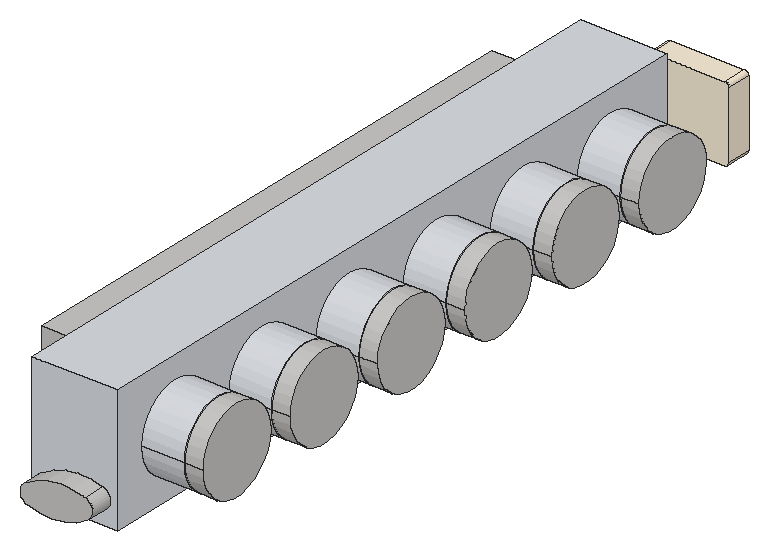
Revit family "HVAC_Ductwork_Airzone_Motorized-Plenum_Toshiba_Standard_6-Dampers", category Mechanical Equipment, Revit 2016
Family settings
  Part Type = Normal
  Round Connector Dimension = Use Diameter
  OmniClass Number = 23.75.70.14
  OmniClass Title = Air Ductwork
  Work Plane-Based = No
  Always vertical = Yes
  Cut with Voids When Loaded = No
  Shared = No
  Room Calculation Point = No
Parameters (values of type "TOSST04L6")
  Voltage = 230 V
  URL = "www.airzone.es"
  Type Image Comments = "Image available in product documentation download"  # constant formula
  Revit Model Version = "1.0"  # constant formula
  Revit Model Author URL = "www.a3d.es"
  Revit Model Author = "A3D Consulting"  # constant formula
  Product Documentation Download URL = "http://doc.airzone.es/BIM/Easyzone/Toshiba-Airzone_motorized_plenum.zip"
  Product Comments = "Refer to technical documentation for further details"  # constant formula
  Power Factor = 1
  Neck Width = 1343.600 mm
  Neck Length = 95.000 mm
  Neck Height = 183.600 mm
  Material = Metal - AIRZONE - Galvanized Sheet - Semi-polished
  Main Control Board Material = Plastic - AIRZONE - Smooth - Off-white
  Load Classification = Other
  Insulated Body Width = 205.000 mm  # constant formula
  Insulated Body Material = Metal -AIRZONE - Insulating Lining -Aluminum Finish
  Insulated Body Length = 1638.600 mm  # constant formula
  Insulated Body Height = 300.000 mm  # constant formula
  Flow [instance] = Damper 6 Air Flow + Damper 5 Air Flow + Damper 4 Air Flow + Damper 3 Air Flow + Damper 2 Air Flow + Damper 1 Air Flow - Fresh Air Inlet 2 Flow - Fresh Air Inlet 1 Flow  # 1800 m³/h
  Fresh Air Inlet 1 Flow [instance] = 0 m³/h
  Fresh Air Inlet 2 Flow [instance] = 0 m³/h
  Fresh Air Inlet Connection Width = 175.000 mm
  Fresh Air Inlet Connection Height = 75.000 mm
  Model = "TOSST04L6"
  Neck Side Offset = 147.500 mm
  Neck Bottom Offset = 83.200 mm
  Type Image = <None>
  Manufacturer = "AIRZONE"  # constant formula
  Main Control Board Depth = 57.000 mm  # constant formula
  Main Control Board Width = 195.000 mm  # constant formula
  Main Control Board Height = 180.000 mm  # constant formula
  Fixing = ""
  Disclaimer = "All information provided in this model is reviewed before being published. However, Airzone cannot guarantee this model is error-free, therefore users are strongly encouraged to check for technical documentation and updates"  # constant formula
  Description = "Airzone standard motorized plenum with neck that mechanically adapts to the main ducted AC units of Toshiba."
  Type Comments = ""
  Dampers Length = 149.000 mm  # constant formula
  Dampers Diameter = 200.000 mm  # constant formula
  Damper 6 Air Flow [instance] = 300 m³/h
  Damper 5 Air Flow [instance] = 300 m³/h
  Damper 4 Air Flow [instance] = 300 m³/h
  Damper 1 Air Flow [instance] = 300 m³/h
  Damper 2 Air Flow [instance] = 300 m³/h
  Damper 3 Air Flow [instance] = 300 m³/h
  Fresh Air Inlet Connection Offset Height = 48.305 mm  # constant formula
  Compatible Accesories = ""
  Apparent Load = 57.5 VA
Types (8, lengths in mm): name | Neck Width | Neck Height | Model | Neck Side Offset | Neck Bottom Offset
  TOSST04L6 | 1343.600 | 183.600 | "TOSST04L6" | 147.500 | 83.200
  TOSST04M6 | 943.600 | 183.600 | "TOSST04M6" | 347.500 | 83.200
  TOSST03L6 | 1343.600 | 183.600 | "TOSST03L6" | 147.500 | 83.200
  TOSST03M6 | 943.600 | 183.600 | "TOSST03M6" | 347.500 | 83.200
  TOSST02L6 | 1155.600 | 220.600 | "TOSST02L6" | 281.500 | 39.700
  TOSST02M6 | 805.600 | 220.600 | "TOSST02M6" | 456.500 | 39.700
  TOSST01L6 | 1163.600 | 213.600 | "TOSST01L6" | 277.500 | 47.200
  TOSST01M6 | 813.600 | 213.600 | "TOSST01M6" | 452.500 | 48.200
Reference planes
  plane 1 "Center (Front/Back)": y = 0
  plane 2 "Center (Elevation)": z = 0
  plane 3 "Center (Left/Right)": x = 0
  plane 4 "Neck Back": y = 671.8
  plane 5 "Neck Front": y = -671.8
  plane 6 "Neck Top": z = 91.8
  plane 7 "Neck Bottom": z = -91.8
  plane 8 "Left": x = 95
  plane 9 "Bottom": z = -175
  plane 10 "Top": z = 125
  plane 11 "Front": y = -819.3
  plane 12 "Back": y = 819.3
  plane 13 "Right": x = 300
  plane 14 "Dampers Front": x = 449
  plane 15 "Dampers Center (Elevation)": z = -25
  plane 16 "Damper3": y = 130
  plane 17 "Damper2": y = 390
  plane 18 "Damper1": y = 650
  plane 19 "Middle": y = 0
  plane 20 "FreshAir Center (Elevation)": z = -126.695
  plane 21 "FreshAir1": y = 871.8
  plane 22 "FreshAir2": y = -871.8
  plane 23 "Dampers Lining": x = 404
  plane 24 "FreshAir Vertical Axis": x = 195.83
  plane 25 "ConnectionBox Side": x = 254
  plane 26 "Main Control Board Center (Left/Right)": x = 351.5
  plane 27 "Damper4": y = -130
  plane 28 "Damper5": y = -390
  plane 29 "Damper6": y = -650
Forms (mm)
  Extrusion 1, solid, material "Metal - AIRZONE - Galvanized Sheet - Semi-polished" <- "Material"
    sketch origin (0, 0, 0) x (0, 1, 0) y (0, 0, 1)
      loop
        line (-671.8, 91.8) -> (-671.8, -91.8) -> (671.8, -91.8) -> (671.8, 91.8) -> (-671.8, 91.8)
    from 0 to 95
  Extrusion 2, solid, material "Metal -AIRZONE - Insulating Lining -Aluminum Finish" <- "Insulated Body Material"
    sketch origin (95, 0, 0) x (0, 1, 0) y (0, 0, 1)
      loop
        line (-819.3, 125) -> (-819.3, -175) -> (819.3, -175) -> (819.3, 125) -> (-819.3, 125)
    from 0 to 205
  Extrusion 3, solid, material "Metal - AIRZONE - Galvanized Sheet - Semi-polished" <- "Material"
    sketch origin (300, 0, 0) x (0, 1, 0) y (0, 0, 1)
      loop
        circle (130, -25) r 100
    from 104 to 149
  Extrusion 4, solid, material "Metal - AIRZONE - Galvanized Sheet - Semi-polished" <- "Material"
    sketch origin (300, 0, 0) x (0, 1, 0) y (0, 0, 1)
      loop
        circle (390, -25) r 100
    from 104 to 149
  Extrusion 5, solid, material "Metal - AIRZONE - Galvanized Sheet - Semi-polished" <- "Material"
    sketch origin (300, 0, 0) x (0, 1, 0) y (0, 0, 1)
      loop
        circle (650, -25) r 100
    from 104 to 149
  Extrusion 6, solid, material "Metal - AIRZONE - Galvanized Sheet - Semi-polished" <- "Material"
    sketch origin (0, -819.3, 0) x (0, 0, 1) y (1, 0, 0)
      loop
        arc (-94.141, 265.204) -> (-115.608, 282.105) -> (-140.312, 270.434) r 25.96
        arc (-140.312, 270.434) -> (-166.302, 200.598) -> (-158.849, 126.456) r 164.67
        arc (-158.849, 126.456) -> (-137.665, 109.589) -> (-112.994, 120.751) r 25.96
        arc (-112.994, 120.751) -> (-86.725, 190.78) -> (-94.141, 265.204) r 164.67
    from 0 to -52.5
  Extrusion 7, solid, material "Metal - AIRZONE - Galvanized Sheet - Semi-polished" <- "Material"
    sketch origin (0, 819.3, 0) x (0, 0, 1) y (1, 0, 0)
      loop
        arc (-94.141, 265.204) -> (-115.325, 282.071) -> (-139.996, 270.909) r 25.96
        arc (-139.996, 270.909) -> (-166.179, 201.53) -> (-159.267, 127.699) r 164.67
        arc (-159.267, 127.699) -> (-138.032, 109.637) -> (-112.678, 121.226) r 25.96
        arc (-112.678, 121.226) -> (-86.688, 191.062) -> (-94.141, 265.204) r 164.67
    from 0 to 52.5
  Extrusion 8, solid, material "Metal -AIRZONE - Insulating Lining -Aluminum Finish" <- "Insulated Body Material"
    sketch origin (300, 0, 0) x (0, 1, 0) y (0, 0, 1)
      loop
        circle (650, -25) r 100
    from 0 to 104
  Extrusion 9, solid, material "Metal -AIRZONE - Insulating Lining -Aluminum Finish" <- "Insulated Body Material"
    sketch origin (300, -260, 0) x (0, 1, 0) y (0, 0, 1)
      loop
        circle (650, -25) r 100
    from 0 to 104
  Extrusion 10, solid, material "Metal -AIRZONE - Insulating Lining -Aluminum Finish" <- "Insulated Body Material"
    sketch origin (300, -520, 0) x (0, 1, 0) y (0, 0, 1)
      loop
        circle (650, -25) r 100
    from 0 to 104
  Extrusion 11, solid, material "Metal - AIRZONE - Galvanized Sheet - Semi-polished" <- "Material"
    sketch origin (300, -190, 0) x (0, 1, 0) y (0, 0, 1)
      loop
        circle (60, -25) r 100
    from 104 to 149
  Extrusion 12, solid, material "Metal -AIRZONE - Insulating Lining -Aluminum Finish" <- "Insulated Body Material"
    sketch origin (300, -710, 0) x (0, 1, 0) y (0, 0, 1)
      loop
        circle (580, -25) r 100
    from 0 to 104
  Extrusion 13, solid, material "Metal -AIRZONE - Insulating Lining -Aluminum Finish" <- "Insulated Body Material"
    sketch origin (300, -970, 0) x (0, 1, 0) y (0, 0, 1)
      loop
        circle (580, -25) r 100
    from 0 to 104
  Extrusion 14, solid, material "Metal - AIRZONE - Galvanized Sheet - Semi-polished" <- "Material"
    sketch origin (300, -450, 0) x (0, 1, 0) y (0, 0, 1)
      loop
        circle (60, -25) r 100
    from 104 to 149
  Extrusion 15, solid, material "Metal -AIRZONE - Insulating Lining -Aluminum Finish" <- "Insulated Body Material"
    sketch origin (300, -1230, 0) x (0, 1, 0) y (0, 0, 1)
      loop
        circle (580, -25) r 100
    from 0 to 104
  Extrusion 16, solid, material "Metal - AIRZONE - Galvanized Sheet - Semi-polished" <- "Material"
    sketch origin (300, -710, 0) x (0, 1, 0) y (0, 0, 1)
      loop
        circle (60, -25) r 100
    from 104 to 149
Lines and regions (mm)
  Masking region 1
    outline origin (0, 0, 0) x (1, 0, 0) y (0, 1, 0)
      loop
        line (95, 819.3) -> (95, -819.3) -> (300, -819.3) -> (300, 819.3) -> (95, 819.3)
  Masking region 2, detail levels medium+fine
    outline origin (0, 0, 0) x (1, 0, 0) y (0, 1, 0)
      loop
        line (0, 671.8) -> (0, -671.8) -> (95, -671.8) -> (95, 671.8) -> (0, 671.8)
  Masking region 3, detail levels medium+fine
    outline origin (0, 0, 0) x (1, 0, 0) y (0, 1, 0)
      loop
        line (300, 230) -> (300, 30) -> (449, 30) -> (449, 230) -> (300, 230)
  Masking region 4, detail levels medium+fine
    outline origin (0, 260, 0) x (1, 0, 0) y (0, 1, 0)
      loop
        line (300, 230) -> (300, 30) -> (449, 30) -> (449, 230) -> (300, 230)
  Masking region 5, detail levels medium+fine
    outline origin (0, 520, 0) x (1, 0, 0) y (0, 1, 0)
      loop
        line (300, 230) -> (300, 30) -> (449, 30) -> (449, 230) -> (300, 230)
  Masking region 6, detail levels medium+fine
    outline origin (0, 0, -126.695) x (1, 0, 0) y (0, 1, 0)
      loop
        line (108.33, 871.8) -> (108.33, 819.3) -> (283.33, 819.3) -> (283.33, 871.8) -> (108.33, 871.8)
  Masking region 7, detail levels medium+fine
    outline origin (0, 0, -126.695) x (1, 0, 0) y (0, 1, 0)
      loop
        line (108.33, -819.3) -> (108.33, -871.8) -> (283.33, -871.8) -> (283.33, -819.3) -> (108.33, -819.3)
  Masking region 8, detail levels medium+fine
    outline origin (0, 0, 125) x (0, -1, 0) y (1, 0, 0)
      loop
        line (-876.3, 254) -> (-819.3, 254) -> (-819.3, 449) -> (-876.3, 449) -> (-876.3, 254)
  Masking region 9, detail levels medium+fine
    outline origin (0, -190, 0) x (1, 0, 0) y (0, 1, 0)
      loop
        line (300, 160) -> (300, -40) -> (449, -40) -> (449, 160) -> (300, 160)
  Masking region 10, detail levels medium+fine
    outline origin (0, -450, 0) x (1, 0, 0) y (0, 1, 0)
      loop
        line (300, 160) -> (300, -40) -> (449, -40) -> (449, 160) -> (300, 160)
  Masking region 11, detail levels medium+fine
    outline origin (0, -710, 0) x (1, 0, 0) y (0, 1, 0)
      loop
        line (300, 160) -> (300, -40) -> (449, -40) -> (449, 160) -> (300, 160)
  symbolic lines, detail levels coarse
    curve 1: line (95, -819.3, 0) -> (300, 130, 0)
    curve 2: line (300, 130, 0) -> (95, 819.3, 0)
Dimensions and locks
  equal spacing: plane 4 "Neck Back", plane 1 "Center (Front/Back)", plane 5 "Neck Front"
  "Neck Width": plane 4 "Neck Back" to plane 5 "Neck Front"
  equal spacing: plane 6 "Neck Top", level, plane 7 "Neck Bottom"
  "Neck Height": plane 6 "Neck Top" to plane 7 "Neck Bottom"
  "Neck Length": plane 3 "Center (Left/Right)" to plane 8 "Left"
  "Neck Bottom Offset": plane 7 "Neck Bottom" to plane 9 "Bottom"
  "Insulated Body Height": plane 10 "Top" to plane 9 "Bottom"
  "Insulated Body Length": plane 12 "Back" to plane 11 "Front"
  "Insulated Body Width": plane 8 "Left" to plane 13 "Right"
  "Dampers Length": plane 13 "Right" to plane 14 "Dampers Front"
  equal spacing: plane 10 "Top", plane 15 "Dampers Center (Elevation)", plane 9 "Bottom"
  equal spacing: plane 12 "Back", plane 19 "Middle", plane 11 "Front"
  plane 8 "Left" to plane 13 "Right" = 205.000 mm
  "Fresh Air Inlet Connection Offset Height": plane 20 "FreshAir Center (Elevation)" to plane 9 "Bottom"
  locked: Extrusion 6 sketch curve to plane 9 "Bottom" at 56.47
  locked: plane 13 "Right" to Extrusion 6 sketch curve at 43.69
  locked: plane 13 "Right" to Extrusion 6 sketch curve at 164.65
  locked: Extrusion 6 sketch curve to plane 9 "Bottom" at 40.54
  locked: plane 13 "Right" to Extrusion 6 sketch curve at 87.91
  locked: plane 9 "Bottom" to Extrusion 6 sketch curve at 75.01
  locked: plane 13 "Right" to Extrusion 6 sketch curve at 120.43
  locked: Extrusion 6 sketch curve to plane 9 "Bottom" at 172.02
  locked: plane 13 "Right" to Extrusion 7 sketch curve at 43.69
  locked: Extrusion 7 sketch curve to plane 9 "Bottom" at 56.47
  locked: Extrusion 7 sketch curve to plane 9 "Bottom" at 40.54
  locked: plane 13 "Right" to Extrusion 7 sketch curve at 164.65
  locked: plane 13 "Right" to Extrusion 7 sketch curve at 120.43
  locked: Extrusion 7 sketch curve to plane 9 "Bottom" at 172.02
  locked: plane 9 "Bottom" to Extrusion 7 sketch curve at 75.01
  locked: plane 13 "Right" to Extrusion 7 sketch curve at 87.91
  "Neck Side Offset": plane 12 "Back" to plane 4 "Neck Back"
  locked: plane 21 "FreshAir1" to plane 12 "Back" at 52.5
  plane 11 "Front" to plane 22 "FreshAir2" = 52.500 mm
  locked: connector elem to plane 13 "Right" at 104.17
  locked: plane 20 "FreshAir Center (Elevation)" to connector elem
  locked: plane 13 "Right" to connector elem at 104.17
  locked: connector elem to plane 20 "FreshAir Center (Elevation)"
  locked: plane 23 "Dampers Lining" to plane 14 "Dampers Front" at 45
  locked: plane 24 "FreshAir Vertical Axis" to plane 13 "Right" at 104.17
  equal spacing: Masking region 3 sketch curve, plane 16 "Damper3", Masking region 3 sketch curve
  "Dampers Diameter": Masking region 3 sketch curve to Masking region 3 sketch curve
  "Dampers Diameter": Masking region 4 sketch curve to Masking region 4 sketch curve
  equal spacing: Masking region 5 sketch curve, plane 18 "Damper1", Masking region 5 sketch curve
  "Dampers Diameter": Masking region 5 sketch curve to Masking region 5 sketch curve
  equal spacing: Masking region 6 sketch curve, plane 24 "FreshAir Vertical Axis", Masking region 6 sketch curve
  "Fresh Air Inlet Connection Width": Masking region 6 sketch curve to Masking region 6 sketch curve
  equal spacing: Masking region 7 sketch curve, plane 24 "FreshAir Vertical Axis", Masking region 7 sketch curve
  "Fresh Air Inlet Connection Width": Masking region 7 sketch curve to Masking region 7 sketch curve
  "Main Control Board Depth": Masking region 8 sketch curve to plane 12 "Back"
  "Main Control Board Width": plane 25 "ConnectionBox Side" to plane 14 "Dampers Front"
  equal spacing: plane 25 "ConnectionBox Side", plane 26 "Main Control Board Center (Left/Right)", plane 14 "Dampers Front"
  locked: nested 1 to plane 10 "Top" at 10
  equal spacing: Masking region 4 sketch curve, plane 17 "Damper2", Masking region 4 sketch curve
  equal spacing: Masking region 9 sketch curve, plane 27 "Damper4", Masking region 9 sketch curve
  "Dampers Diameter": Masking region 9 sketch curve to Masking region 9 sketch curve
  plane 18 "Damper1" to plane 17 "Damper2" to plane 16 "Damper3" to plane 27 "Damper4" to plane 28 "Damper5" to plane 29 "Damper6" = 260.000 mm locked, 260.000 mm locked, 260.000 mm locked, 260.000 mm locked, 260.000 mm locked
  locked: plane 16 "Damper3" to plane 19 "Middle" at 130
  equal spacing: Masking region 10 sketch curve, plane 28 "Damper5", Masking region 10 sketch curve
  "Dampers Diameter": Masking region 10 sketch curve to Masking region 10 sketch curve
  equal spacing: Masking region 11 sketch curve, plane 29 "Damper6", Masking region 11 sketch curve
  "Dampers Diameter": Masking region 11 sketch curve to Masking region 11 sketch curve
  "Dampers Diameter": diameter of Extrusion 3 sketch curve
  "Dampers Diameter": diameter of Extrusion 4 sketch curve
  "Dampers Diameter": diameter of Extrusion 5 sketch curve
  radius of Extrusion 7 sketch curve = 164.670 mm  (x2)
  radius of Extrusion 7 sketch curve = 25.960 mm  (x2)
  radius of Extrusion 6 sketch curve = 164.670 mm  (x2)
  radius of Extrusion 6 sketch curve = 25.960 mm  (x2)
  "Dampers Diameter": diameter of Extrusion 8 sketch curve
  "Dampers Diameter": diameter of Extrusion 9 sketch curve
  "Dampers Diameter": diameter of Extrusion 10 sketch curve
  "Dampers Diameter": diameter of Extrusion 11 sketch curve
  "Dampers Diameter": diameter of Extrusion 12 sketch curve
  "Dampers Diameter": diameter of Extrusion 13 sketch curve
  "Dampers Diameter": diameter of Extrusion 14 sketch curve
  "Dampers Diameter": diameter of Extrusion 15 sketch curve
  "Dampers Diameter": diameter of Extrusion 16 sketch curve
  aligned and locked: level to plane 2 "Center (Elevation)"
  aligned and locked: plane 5 "Neck Front" to Extrusion 1 sketch curve
  aligned and locked: Extrusion 1 sketch curve to plane 6 "Neck Top"
  aligned and locked: Extrusion 1 sketch curve to plane 4 "Neck Back"
  aligned and locked: plane 7 "Neck Bottom" to Extrusion 1 sketch curve
  aligned and locked: Extrusion 1 to plane 3 "Center (Left/Right)"
  aligned and locked: Extrusion 2 sketch curve to plane 10 "Top"
  aligned and locked: Extrusion 2 sketch curve to plane 12 "Back"
  aligned and locked: Extrusion 2 sketch curve to plane 9 "Bottom"
  aligned and locked: plane 11 "Front" to Extrusion 2 sketch curve
  aligned and locked: Extrusion 2 to plane 13 "Right"
  aligned and locked: Extrusion 2 to plane 8 "Left"
  aligned and locked: plane 16 "Damper3" to Extrusion 3 sketch curve
  aligned and locked: plane 15 "Dampers Center (Elevation)" to Extrusion 3 sketch curve
  aligned and locked: plane 15 "Dampers Center (Elevation)" to Extrusion 4 sketch curve
  aligned and locked: plane 18 "Damper1" to Extrusion 5 sketch curve
  aligned and locked: plane 15 "Dampers Center (Elevation)" to Extrusion 5 sketch curve
  aligned and locked: plane 14 "Dampers Front" to Extrusion 5
  aligned and locked: plane 14 "Dampers Front" to Extrusion 4
  aligned and locked: plane 14 "Dampers Front" to Extrusion 3
  aligned and locked: plane 8 "Left" to Extrusion 1
  aligned and locked: plane 22 "FreshAir2" to Extrusion 6
  aligned and locked: plane 21 "FreshAir1" to Extrusion 7
  aligned and locked: Extrusion 7 to plane 12 "Back"
  aligned and locked: plane 11 "Front" to Extrusion 6
  aligned and locked: Extrusion 5 to plane 23 "Dampers Lining"
  aligned and locked: Extrusion 5 to Extrusion 4
  aligned and locked: Extrusion 4 to Extrusion 3
  aligned and locked: plane 23 "Dampers Lining" to Extrusion 8
  aligned and locked: Extrusion 10 to plane 13 "Right"
  aligned and locked: plane 23 "Dampers Lining" to Extrusion 10
  aligned and locked: Extrusion 9 to plane 13 "Right"
  aligned and locked: plane 23 "Dampers Lining" to Extrusion 9
  aligned and locked: Extrusion 8 to plane 13 "Right"
  aligned and locked: Extrusion 9 to Extrusion 8
  aligned and locked: plane 18 "Damper1" to Extrusion 8 sketch curve
  aligned and locked: plane 15 "Dampers Center (Elevation)" to Extrusion 8 sketch curve
  aligned and locked: plane 15 "Dampers Center (Elevation)" to Extrusion 9 sketch curve
  aligned and locked: plane 16 "Damper3" to Extrusion 10 sketch curve
  aligned and locked: plane 15 "Dampers Center (Elevation)" to Extrusion 10 sketch curve
  aligned and locked: Masking region 1 sketch curve to plane 12 "Back"
  aligned and locked: Masking region 1 sketch curve to plane 8 "Left"
  aligned and locked: Masking region 1 sketch curve to plane 13 "Right"
  aligned and locked: plane 11 "Front" to Masking region 1 sketch curve
  aligned and locked: plane 5 "Neck Front" to Masking region 2 sketch curve
  aligned and locked: plane 3 "Center (Left/Right)" to Masking region 2 sketch curve
  aligned and locked: Masking region 2 sketch curve to plane 4 "Neck Back"
  aligned and locked: Masking region 2 sketch curve to plane 8 "Left"
  aligned and locked: plane 13 "Right" to Masking region 3 sketch curve
  aligned and locked: Masking region 3 sketch curve to plane 14 "Dampers Front"
  aligned and locked: plane 13 "Right" to Masking region 4 sketch curve
  aligned and locked: Masking region 4 sketch curve to plane 14 "Dampers Front"
  aligned and locked: plane 13 "Right" to Masking region 5 sketch curve
  aligned and locked: Masking region 5 sketch curve to plane 14 "Dampers Front"
  aligned and locked: plane 12 "Back" to Masking region 6 sketch curve
  aligned and locked: Masking region 6 sketch curve to plane 21 "FreshAir1"
  aligned and locked: Masking region 7 sketch curve to plane 11 "Front"
  aligned and locked: Masking region 7 sketch curve to plane 22 "FreshAir2"
  aligned and locked: plane 12 "Back" to Masking region 8 sketch curve
  aligned and locked: Masking region 8 sketch curve to plane 14 "Dampers Front"
  aligned and locked: plane 25 "ConnectionBox Side" to Masking region 8 sketch curve
  aligned and locked: plane 17 "Damper2" to Extrusion 9 sketch curve
  aligned and locked: plane 17 "Damper2" to Extrusion 4 sketch curve
  aligned and locked: Masking region 9 sketch curve to plane 14 "Dampers Front"
  aligned and locked: plane 13 "Right" to Masking region 9 sketch curve
  aligned and locked: Extrusion 12 to plane 13 "Right"
  aligned and locked: plane 23 "Dampers Lining" to Extrusion 12
  aligned and locked: Extrusion 11 to plane 23 "Dampers Lining"
  aligned and locked: plane 14 "Dampers Front" to Extrusion 11
  aligned and locked: plane 15 "Dampers Center (Elevation)" to Extrusion 12 sketch curve
  aligned and locked: plane 27 "Damper4" to Extrusion 12 sketch curve
  aligned and locked: plane 15 "Dampers Center (Elevation)" to Extrusion 11 sketch curve
  aligned and locked: plane 27 "Damper4" to Extrusion 11 sketch curve
  aligned and locked: Masking region 10 sketch curve to plane 14 "Dampers Front"
  aligned and locked: plane 13 "Right" to Masking region 10 sketch curve
  aligned and locked: plane 28 "Damper5" to Extrusion 13 sketch curve
  aligned and locked: plane 15 "Dampers Center (Elevation)" to Extrusion 13 sketch curve
  aligned and locked: Extrusion 14 to plane 23 "Dampers Lining"
  aligned and locked: plane 14 "Dampers Front" to Extrusion 14
  aligned and locked: plane 15 "Dampers Center (Elevation)" to Extrusion 14 sketch curve
  aligned and locked: plane 28 "Damper5" to Extrusion 14 sketch curve
  aligned and locked: Masking region 11 sketch curve to plane 14 "Dampers Front"
  aligned and locked: plane 13 "Right" to Masking region 11 sketch curve
  aligned and locked: Extrusion 15 to plane 13 "Right"
  aligned and locked: plane 23 "Dampers Lining" to Extrusion 15
  aligned and locked: plane 29 "Damper6" to Extrusion 15 sketch curve
  aligned and locked: plane 15 "Dampers Center (Elevation)" to Extrusion 15 sketch curve
  aligned and locked: plane 14 "Dampers Front" to Extrusion 16
  aligned and locked: Extrusion 16 to plane 23 "Dampers Lining"
  aligned and locked: plane 15 "Dampers Center (Elevation)" to Extrusion 16 sketch curve
  aligned and locked: plane 29 "Damper6" to Extrusion 16 sketch curve
  aligned and locked: nested 1 to plane 26 "Main Control Board Center (Left/Right)"
Automatic sketch dimensions
  curve 2 to plane 8 "Left" = 0.000 mm
  curve 1 to plane 8 "Left" = 0.000 mm
  curve 2 to plane 13 "Right" = 0.000 mm
  curve 1 to plane 11 "Front" = 0.000 mm
  curve 2 to plane 16 "Damper3" = 0.000 mm
  curve 2 to plane 12 "Back" = 0.000 mm
Nested families
  nested 1: "Airzone_Main-Control-Board" at (351.5, 819.3, 25) x (-1, 0, 0) z (0, 1, 0), Extrusion <- "Main Control Board Depth", Height <- "Main Control Board Height", Width <- "Main Control Board Width", Material <- "Main Control Board Material", type "Standard"
    with Width 195.000 mm, Material Plastic - AIRZONE - Smooth - Off-white, Height 180.000 mm, Extrusion 57.000 mm
Connectors
  hvac at (449, 130, -25), driven by "Damper 3 Air Flow", driven by "Dampers Diameter"
    settings: on Extrusion 3, index 1, duct flow 300 m³/h, flow factor 0, pres drop 0.0 Pa, loss coef 0, conn angle 0.00°, conn width 304.8 mm, conn height 304.8 mm, conn diameter 200 mm, duct sys type 1, conn prof type 0, flow config 0, flow direction 2, loss method 0, conn ref index -1, conn util no, is conn primary no, conn desc "Supply Air Out 3"
  hvac at (449, 390, -25), driven by "Damper 2 Air Flow", driven by "Dampers Diameter"
    settings: on Extrusion 4, index 2, duct flow 300 m³/h, flow factor 0, pres drop 0.0 Pa, loss coef 0, conn angle 0.00°, conn width 304.8 mm, conn height 304.8 mm, conn diameter 200 mm, duct sys type 1, conn prof type 0, flow config 0, flow direction 2, loss method 0, conn ref index -1, conn util no, is conn primary no, conn desc "Supply Air Out 2"
  hvac at (449, 650, -25), driven by "Damper 1 Air Flow", driven by "Dampers Diameter"
    settings: on Extrusion 5, index 3, duct flow 300 m³/h, flow factor 0, pres drop 0.0 Pa, loss coef 0, conn angle 0.00°, conn width 304.8 mm, conn height 304.8 mm, conn diameter 200 mm, duct sys type 1, conn prof type 0, flow config 0, flow direction 2, loss method 0, conn ref index -1, conn util no, is conn primary no, conn desc "Supply Air Out 1"
  hvac at (0, 0, 0), driven by "Flow", driven by "Neck Height", driven by "Neck Width"
    settings: on Extrusion 1, index 6, duct flow 1800 m³/h, flow factor 0, pres drop 0.0 Pa, loss coef 0, conn angle 0.00°, conn width 1343.6 mm, conn height 183.6 mm, conn diameter 609.6 mm, duct sys type 1, conn prof type 1, flow config 1, flow direction 1, loss method 0, conn ref index -1, conn util no, is conn primary yes, conn desc "Supply Air In"
  hvac at (195.83, -871.8, -126.695), driven by "Fresh Air Inlet 2 Flow", driven by "Fresh Air Inlet Connection Width", driven by "Fresh Air Inlet Connection Height"
    settings: index 7, duct flow 0 m³/h, flow factor 0, pres drop 0.0 Pa, loss coef 0, conn angle 0.00°, conn width 175 mm, conn height 75 mm, conn diameter 609.6 mm, duct sys type 1, conn prof type 2, flow config 1, flow direction 1, loss method 0, conn ref index -1, conn util no, is conn primary no, conn desc "Fresh Air In 2"
  hvac at (195.83, 871.8, -126.695), driven by "Fresh Air Inlet 1 Flow", driven by "Fresh Air Inlet Connection Height", driven by "Fresh Air Inlet Connection Width"
    settings: index 8, duct flow 0 m³/h, flow factor 0, pres drop 0.0 Pa, loss coef 0, conn angle 0.00°, conn width 175 mm, conn height 75 mm, conn diameter 609.6 mm, duct sys type 1, conn prof type 2, flow config 1, flow direction 1, loss method 0, conn ref index -1, conn util no, is conn primary no, conn desc "Fresh Air In 1"
  hvac at (449, -130, -25), driven by "Damper 4 Air Flow", driven by "Dampers Diameter"
    settings: on Extrusion 11, index 9, duct flow 300 m³/h, flow factor 0, pres drop 0.0 Pa, loss coef 0, conn angle 0.00°, conn width 304.8 mm, conn height 304.8 mm, conn diameter 200 mm, duct sys type 1, conn prof type 0, flow config 0, flow direction 2, loss method 0, conn ref index -1, conn util no, is conn primary no, conn desc "Supply Air Out 4"
  hvac at (449, -390, -25), driven by "Damper 5 Air Flow", driven by "Dampers Diameter"
    settings: on Extrusion 14, index 10, duct flow 300 m³/h, flow factor 0, pres drop 0.0 Pa, loss coef 0, conn angle 0.00°, conn width 304.8 mm, conn height 304.8 mm, conn diameter 200 mm, duct sys type 1, conn prof type 0, flow config 0, flow direction 2, loss method 0, conn ref index -1, conn util no, is conn primary no, conn desc "Supply Air Out 5"
  hvac at (449, -650, -25), driven by "Damper 6 Air Flow", driven by "Dampers Diameter"
    settings: on Extrusion 16, index 11, duct flow 300 m³/h, flow factor 0, pres drop 0.0 Pa, loss coef 0, conn angle 0.00°, conn width 304.8 mm, conn height 304.8 mm, conn diameter 200 mm, duct sys type 1, conn prof type 0, flow config 0, flow direction 2, loss method 0, conn ref index -1, conn util no, is conn primary no, conn desc "Supply Air Out 6"
  electrical at (351.5, 876.3, 25), driven by "Load Classification", driven by "Voltage", driven by "Apparent Load", driven by "Power Factor"
    settings: on nested 1, index 12, voltage 230 V, apparent load 57.5 VA, apparent load phase1 0 VA, apparent load phase2 0 VA, apparent load phase3 0 VA, power factor 1, load classification "Other", number of poles 1, system type 30, power factor state 1, is connector primary yes, connector utility no, sub classification motor no, connector description "Power Supply"
Definition of nested family "Airzone_Main-Control-Board"
  Parameters (values of type "Standard")
    Width [instance] = 195.000 mm
    URL = "www.airzone.es"
    Revit Model Version = "1.0"  # constant formula
    Revit Model Author URL = "www.a3d.es"
    Revit Model Author = "A3D Consulting"  # constant formula
    Material [instance] = none
    Manufacturer = "AIRZONE"  # constant formula
    Height [instance] = 180.000 mm
    Extrusion [instance] = 57.000 mm
    Default Elevation = 0.000 mm
  Reference planes
    plane 1 "Center (Front/Back)": y = 0
    plane 2: z = 0
    plane 3 "Center (Left/Right)": x = 0
    plane 4: y = 90
    plane 5: y = -90
    plane 6: x = 97.5
    plane 7: x = -97.5
  Forms (mm)
    Extrusion 1, solid, material <- "Material"
      sketch origin (0, 0, 0) x (1, 0, 0) y (0, 1, 0)
        loop
          arc (-87.5, 90) -> (-94.571, 87.071) -> (-97.5, 80) r 10
          line (-97.5, 80) -> (-97.5, -80)
          arc (-97.5, -80) -> (-94.571, -87.071) -> (-87.5, -90) r 10
          line (-87.5, -90) -> (87.5, -90)
          arc (87.5, -90) -> (94.571, -87.071) -> (97.5, -80) r 10
          line (97.5, -80) -> (97.5, 80)
          arc (97.5, 80) -> (94.571, 87.071) -> (87.5, 90) r 10
          line (87.5, 90) -> (-87.5, 90)
      from 0 to 57 <- "Extrusion"
  Dimensions and locks
    equal spacing: plane 7, plane 3 "Center (Left/Right)", plane 6
    equal spacing: plane 4, plane 1 "Center (Front/Back)", plane 5
    "Width": plane 7 to plane 6
    "Height": plane 4 to plane 5
    radius of Extrusion 1 sketch curve = 10.000 mm  (x4)
    aligned and locked: level to plane 2
    aligned and locked: plane 5 to Extrusion 1 sketch curve
    aligned and locked: Extrusion 1 sketch curve to plane 6
    aligned and locked: Extrusion 1 sketch curve to plane 4
    aligned and locked: plane 7 to Extrusion 1 sketch curve
